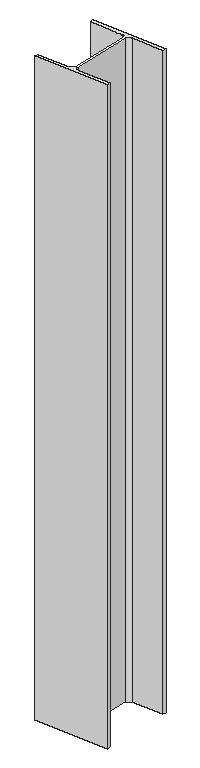
Revit family "UC-Universal Column-Column", category 구조 기둥, Revit 2026
Family settings
  단면 모양 = 정의되지 않음
  모델 동작 재료 = 스틸
  항상 형상으로 내보내기 = 아니오
  평면의 보 전환 = 경계 상자에서
  로드될 때 보이드를 사용하여 절단 = 아니오
  기호 표현 = 프로젝트 설정에서
  공유 = 아니오
  평면도에서 미리 절단된 패밀리 표시 = 예
Parameters (values of type "305x305x97UC")
  Assembly Code = ""
  Structural Material [instance] = Metal - Steel - 345 MPa
  A = 0.0123 m²
  Ix = 22250
  M = 96.9
  Nominal h = "305"
  Zx = 1445
  b = 305.3 mm
  h = 307.9 mm
  r = 15.2 mm
  s = 9.9 mm
  t = 15.4 mm
Reference planes
  plane 1: y = 0
  plane 2: z = 0
  plane 3: x = 0
  plane 4: x = -152.65
  plane 5: x = 152.65
  plane 6: y = 153.95
  plane 7: y = -153.95
  plane 8: x = -3.969
  plane 9: x = 3.969
Forms (mm)
  Extrusion 1, solid, material "Metal - Steel - 345 MPa" <- "Structural Material", detail levels medium
    sketch origin (0, 0, 0) x (1, 0, 0) y (0, 1, 0)
      loop
        line (-152.65, 153.95) -> (-152.65, 138.55) -> (-4.95, 138.55) -> (-4.95, -138.55) -> (-152.65, -138.55) -> (-152.65, -153.95) -> (152.65, -153.95) -> (152.65, -138.55) -> (4.95, -138.55) -> (4.95, 138.55) -> (152.65, 138.55) -> (152.65, 153.95) -> (-152.65, 153.95)
    from 0 to 2500
  Extrusion 2, solid, material "Metal - Steel - 345 MPa" <- "Structural Material", detail levels fine
    sketch origin (0, 0, 0) x (1, 0, 0) y (0, 1, 0)
      loop
        line (-152.65, 153.95) -> (-152.65, 138.55) -> (-20.15, 138.55)
        arc (-20.15, 138.55) -> (-9.402, 134.098) -> (-4.95, 123.35) r 15.2
        line (-4.95, 123.35) -> (-4.95, -123.35)
        arc (-4.95, -123.35) -> (-9.402, -134.098) -> (-20.15, -138.55) r 15.2
        line (-20.15, -138.55) -> (-152.65, -138.55) -> (-152.65, -153.95) -> (152.65, -153.95) -> (152.65, -138.55) -> (20.15, -138.55)
        arc (20.15, -138.55) -> (9.402, -134.098) -> (4.95, -123.35) r 15.2
        line (4.95, -123.35) -> (4.95, 123.35)
        arc (4.95, 123.35) -> (9.402, 134.098) -> (20.15, 138.55) r 15.2
        line (20.15, 138.55) -> (152.65, 138.55) -> (152.65, 153.95) -> (-152.65, 153.95)
    from 0 to 2500
Lines and regions (mm)
  symbolic lines, style "StructuralColumnStickSymbols", detail levels coarse
    curve 1: line (-152.65, 153.95, 0) -> (152.65, 153.95, 0)
    curve 2: line (-152.65, -153.95, 0) -> (152.65, -153.95, 0)
    curve 3: line (0, 153.95, 0) -> (0, -153.95, 0)
  symbolic lines, style "Hidden Faces", detail levels medium+fine
    curve 4: line (-3.969, 0, 0) -> (-3.969, 0, 2500)
    curve 5: line (3.969, 0, 2500) -> (3.969, 0, 0)
Dimensions and locks
  equal spacing: plane 4, plane 3, plane 5
  equal spacing: plane 7, plane 1, plane 6
  "h": plane 7 to plane 6
  "b": plane 4 to plane 5
  "t": plane 7 to Extrusion 1 sketch curve
  "t": Extrusion 1 sketch curve to plane 6
  equal spacing: Extrusion 1 sketch curve, plane 3, Extrusion 1 sketch curve
  "s": Extrusion 1 sketch curve to Extrusion 1 sketch curve
  "r": radius of Extrusion 2 sketch curve  (x4)
  aligned and locked: plane 6 to Extrusion 1 sketch curve
  aligned and locked: Extrusion 1 sketch curve to plane 7
  aligned and locked: Extrusion 1 sketch curve to plane 4  (x2)
  aligned and locked: plane 5 to Extrusion 1 sketch curve  (x2)
  aligned and locked: Extrusion 1 sketch curve to Extrusion 1 sketch curve  (x2)
  aligned and locked: level to Extrusion 1
  aligned and locked: level to plane 2
  aligned and locked: Extrusion 1 to plane 2
  aligned and locked: plane 6 to Extrusion 2 sketch curve
  aligned and locked: plane 5 to Extrusion 2 sketch curve  (x2)
  aligned and locked: Extrusion 2 sketch curve to plane 4  (x2)
  aligned and locked: Extrusion 2 sketch curve to Extrusion 1  (x6)
  aligned and locked: Extrusion 2 sketch curve to plane 7
  aligned and locked: level to Extrusion 2
  aligned and locked: Extrusion 2 to level
Automatic sketch dimensions
  curve 2 to plane 4 = 0 mm
  curve 1 to plane 4 = 0 mm
  curve 3 to plane 3 = 0 mm
  curve 2 to plane 5 = 0 mm
  curve 1 to plane 5 = 0 mm
  curve 3 to plane 7 = 0 mm
  curve 3 to plane 6 = 0 mm
  curve 4 to level = 0 mm  (x2)
  curve 4 to plane 8 = 0 mm
  curve 5 to level = 0 mm  (x2)
  curve 5 to plane 9 = 0 mm
